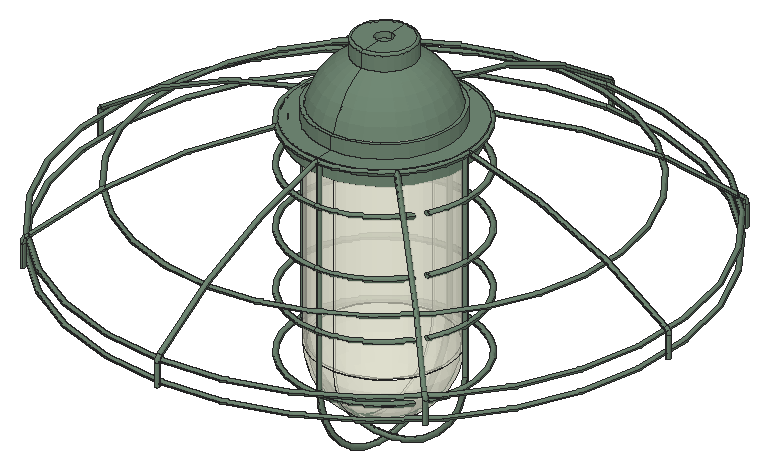
Revit family "GH18", category Lighting Fixtures, Revit 2024
Family settings
  Round Connector Dimension = Use Diameter
  Part Type = Normal
  OmniClass Number = 23.80.70.00
  OmniClass Title = Lighting
  Work Plane-Based = No
  Always vertical = Yes
  Cut with Voids When Loaded = No
  Light Source = No
  Maintain Annotation Orientation = No
  Shared = No
  Room Calculation Point = No
Parameters
  Default Elevation = 0' - 0"
Reference planes (in)
  plane 1 "Light Source Axis (F/B)": y = 0
  plane 2: z = 0
  plane 3 "Light Source Axis (L/R)": x = 0
  plane 4 "Light Source Elevation": z = 57.39205
Forms (in)
  Extrusion 1, solid, material "77"
    sketch origin (9.36163, 6.84003, 59.01446) x (-1, 0, 0) y (0, -1, 0)
      loop
        line (9.36163, 6.05272) -> (10.04346, 6.44638) -> (10.04346, 7.23369) -> (9.36163, 7.62734) -> (8.6798, 7.23369) -> (8.6798, 6.44638) -> (9.36163, 6.05272)
    from 8.87938 to 9.6275
  Revolve 2, solid, material "77"
    sketch origin (0.01163, -63.02394, 15.92108) x (0, 1, 0) y (0, 0, 1)
      loop
        line (61.0485, 51.00113) -> (60.93265, 51.00113) -> (60.93265, 50.59588) -> (60.40852, 50.59588) -> (60.40852, 50.47088) -> (60.54352, 50.47088) -> (60.54352, 50.03338) -> (60.63727, 50.03338) -> (60.63727, 50.50213) -> (61.0264, 50.50213) -> (61.0264, 50.90738) -> (61.12465, 50.90738)
        arc (61.12465, 50.90738) -> (61.4918, 51.72663) -> (62.18943, 52.29166) r 1.93299
        line (62.18943, 52.29166) -> (62.77394, 52.29166) -> (62.77394, 52.87622) -> (62.21146, 52.87622)
        arc (62.21146, 52.87622) -> (62.16726, 52.85792) -> (62.14896, 52.81372) r 0.0625
        line (62.14896, 52.81372) -> (62.14896, 52.37622)
        arc (62.14896, 52.37622) -> (61.44156, 51.81446) -> (61.0485, 51.00113) r 2.02674
      loop
        circle (60.34104, 49.28051) r 0.0675
      loop
        circle (60.34105, 47.52051) r 0.0675
      loop
        circle (60.34105, 45.76051) r 0.0675
      loop
        circle (60.34106, 44.00051) r 0.0675
      axis (63.02394, 52.87622) -> (63.02394, 44.00051)
    angle from 0 to 360
  Extrusion 3, void
    sketch origin (0.01163, -63.02394, 15.92108) x (0, 1, 0) y (0, 0, 1)
      loop
        line (61.44529, 49.53791) -> (61.4453, 43.79009) -> (61.75773, 43.78784) -> (61.75772, 49.53566) -> (61.44529, 49.53791)
    from 1.95052 to 2.9202
  Sweep 4, solid, material "77"
    path origin (0.01163, -63.02394, 15.92108) x (0, 1, 0) y (0, 0, 1)
      loop
        line (65.63936, 50.40838) -> (65.63936, 44.0769)
        arc (65.63936, 44.0769) -> (63.01926, 41.47088) -> (60.40852, 44.0863) r 2.61542
        line (60.40852, 44.0863) -> (60.40852, 50.40838)
    profile origin (0.01163, -2.61542, 63.16842) x (0, -1, 0) y (1, 0, 0)
      loop
        circle (-0.0675, 0) r 0.0675
  Sweep 5, solid, material "77"
    path origin (-63.01231, 0, 16.05656) x (1, 0, 0) y (0, 0, 1)
      loop
        line (65.63936, 50.26174) -> (65.63936, 44.0769)
        arc (65.63936, 44.0769) -> (63.01926, 41.47088) -> (60.40852, 44.0863) r 2.61542
        line (60.40852, 44.0863) -> (60.40852, 50.25435)
    profile origin (-2.60379, 0, 63.22689) x (-1, 0, 0) y (0, -1, 0)
      loop
        circle (-0.0675, 0) r 0.0675
  Revolve 6, solid, material "VAPOR GLASS"
    sketch origin (0.01163, -63.02394, 15.92108) x (0, 1, 0) y (0, 0, 1)
      loop
        line (65.02394, 50.39621) -> (64.93019, 50.39621) -> (64.93019, 44.30838)
        arc (64.93019, 44.30838) -> (64.37186, 42.96045) -> (63.02394, 42.40213) r 1.90625
        line (63.02394, 42.40213) -> (63.02394, 42.30838)
        arc (63.02394, 42.30838) -> (64.43816, 42.89416) -> (65.02394, 44.30838) r 2
        line (65.02394, 44.30838) -> (65.02394, 50.39621)
      axis (63.02394, 50.39621) -> (63.02394, 42.30838)
    angle from 0 to 360
  Revolve 7, solid, material "77"
    sketch origin (0, 0, 0) x (0, 1, 0) y (0, 0, 1)
      loop
        circle (2.67794, 66.45455) r 0.0625
      loop
        circle (6.9318, 64.81089) r 0.0625
      loop
        circle (8.81252, 63.56122) r 0.0625
      loop
        circle (8.81252, 62.93589) r 0.0625
      axis (0, 66.45455) -> (0, 62.93589)
    angle from 0 to 360
  Sweep 8, solid, material "77"
    path origin (0, 0, 0) x (0, 1, 0) y (0, 0, 1)
      loop
        line (8.93752, 62.87339) -> (8.93752, 63.56122)
        arc (8.93752, 63.56122) -> (8.91785, 63.64481) -> (8.86298, 63.71087) r 0.1875
        arc (8.86298, 63.71087) -> (5.933, 65.44306) -> (2.68272, 66.45346) r 14.67114
    profile origin (0, 8.93752, 63.2173) x (0, -1, 0) y (1, 0, 0)
      loop
        circle (0, 0) r 0.0625
  Sweep 9, solid, material "77"
    path origin (0.001, 0.01063, 0) x (0.707107, 0.707107, 0) y (0, 0, 1)
      loop
        line (8.93752, 62.87339) -> (8.93752, 63.56122)
        arc (8.93752, 63.56122) -> (8.91785, 63.64481) -> (8.86298, 63.71087) r 0.1875
        arc (8.86298, 63.71087) -> (5.933, 65.44306) -> (2.68272, 66.45346) r 14.67114
    profile origin (6.32078, 6.33041, 63.2173) x (-0.707107, -0.707107, 0) y (0.707107, -0.707107, 0)
      loop
        circle (0, 0.00341) r 0.0625
  Sweep 10, solid, material "77"
    path origin (0.001, -0.01063, 0) x (-0.707107, 0.707107, 0) y (0, 0, 1)
      loop
        line (8.93752, 62.87339) -> (8.93752, 63.56122)
        arc (8.93752, 63.56122) -> (8.91785, 63.64481) -> (8.86298, 63.71087) r 0.1875
        arc (8.86298, 63.71087) -> (5.933, 65.44306) -> (2.68272, 66.45346) r 14.67114
    profile origin (-6.31878, 6.30915, 63.2173) x (0.707107, -0.707107, 0) y (0.707107, 0.707107, 0)
      loop
        circle (0, 0.00341) r 0.0625
  Sweep 11, solid, material "77"
    path origin (0.01163, -0.02326, 0) x (-1, 0, 0) y (0, 0, 1)
      loop
        line (8.93752, 62.87339) -> (8.93752, 63.56122)
        arc (8.93752, 63.56122) -> (8.91785, 63.64481) -> (8.86298, 63.71087) r 0.1875
        arc (8.86298, 63.71087) -> (5.933, 65.44306) -> (2.68272, 66.45346) r 14.67114
    profile origin (-8.92589, -0.02326, 63.2173) x (1, 0, 0) y (0, 1, 0)
      loop
        circle (0, 0.01163) r 0.0625
  Sweep 12, solid, material "77"
    path origin (0.03389, -0.02226, 0) x (-0.707107, -0.707107, 0) y (0, 0, 1)
      loop
        line (8.93752, 62.87339) -> (8.93752, 63.56122)
        arc (8.93752, 63.56122) -> (8.91785, 63.64481) -> (8.86298, 63.71087) r 0.1875
        arc (8.86298, 63.71087) -> (5.933, 65.44306) -> (2.68272, 66.45346) r 14.67114
    profile origin (-6.28589, -6.34204, 63.2173) x (0.707107, 0.707107, 0) y (-0.707107, 0.707107, 0)
      loop
        circle (0, 0.01985) r 0.0625
  Sweep 13, solid, material "77"
    path origin (0.04652, 0, 0) x (0, -1, 0) y (0, 0, 1)
      loop
        line (8.93752, 62.87339) -> (8.93752, 63.56122)
        arc (8.93752, 63.56122) -> (8.91785, 63.64481) -> (8.86298, 63.71087) r 0.1875
        arc (8.86298, 63.71087) -> (5.933, 65.44306) -> (2.68272, 66.45346) r 14.67114
    profile origin (0.04652, -8.93752, 63.2173) x (0, 1, 0) y (-1, 0, 0)
      loop
        circle (0, 0.02326) r 0.0625
  Sweep 14, solid, material "77"
    path origin (0.03389, 0.02226, 0) x (0.707107, -0.707107, 0) y (0, 0, 1)
      loop
        line (8.93752, 62.87339) -> (8.93752, 63.56122)
        arc (8.93752, 63.56122) -> (8.91785, 63.64481) -> (8.86298, 63.71087) r 0.1875
        arc (8.86298, 63.71087) -> (5.933, 65.44306) -> (2.68272, 66.45346) r 14.67114
    profile origin (6.35367, -6.29752, 63.2173) x (-0.707107, 0.707107, 0) y (-0.707107, -0.707107, 0)
      loop
        circle (0, 0.01985) r 0.0625
  Sweep 15, solid, material "77"
    path origin (0.01163, 0.02326, 0) x (1, 0, 0) y (0, 0, 1)
      loop
        line (8.93752, 62.87339) -> (8.93752, 63.56122)
        arc (8.93752, 63.56122) -> (8.91785, 63.64481) -> (8.86298, 63.71087) r 0.1875
        arc (8.86298, 63.71087) -> (5.933, 65.44306) -> (2.68272, 66.45346) r 14.67114
    profile origin (8.94915, 0.02326, 63.2173) x (-1, 0, 0) y (0, -1, 0)
      loop
        circle (0, 0.01163) r 0.0625
Cuts and joins
  Extrusion 3 cuts Revolve 2
Dimensions and locks (in)
  aligned and locked: level to plane 2
